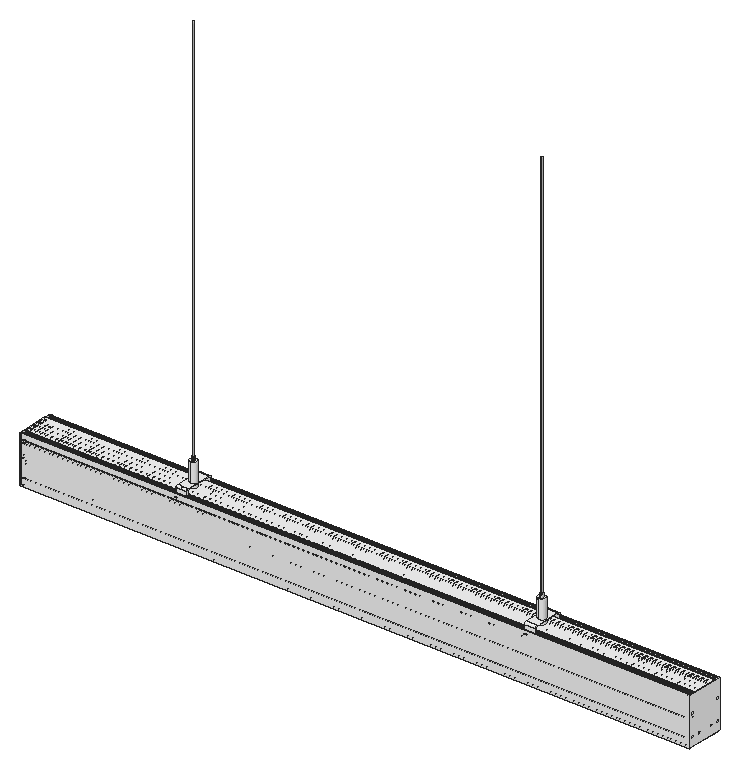
Revit family "RAD010019", category Luminaires, Revit 2015
Parameters (values of type "Radian Spaceline Suspension Module Individuel 45 W")
  Polantis code = "RAD010019"
  Modèle = "Réf. 122"
  Description = "Appareillage électronique pour modules LED d'environ 17,8W/m et 2320 lm/m. Convertisseur électronique à courant constant"
  Commentaires du type = "Options : Gradation, pilotage par cellule centrale, température de couleur : 3000K ou 4000K"
  Wattage = 12 W
  built-in parameter 1150110 = 1 (stored number, unit not read)
  Fabricant = "Radian"
  built-in parameter 1114217 = 1 (stored number, unit not read)
  built-in parameter 1150109 = 1 (stored number, unit not read)
  Emettre à partir de la longueur de la ligne = 1122 mm
  built-in parameter 1150134 = 12
  built-in parameter 1150113 = 1 (stored number, unit not read)
  Lumens = 1782.5 lm
  built-in parameter 1150115 = 1 (stored number, unit not read)
  built-in parameter 1150105 = 141.85 (stored number, unit not read)
  Taille du symbole de la source d'éclairage = 600 mm
  built-in parameter 1150137 = (empty or 0)
  built-in parameter 1150139 = (empty or 0)
  built-in parameter 1150112 = 1 (stored number, unit not read)
  built-in parameter 1150114 = 1 (stored number, unit not read)
  built-in parameter 1150132 = (empty or 0)
  built-in parameter 1150102 = (empty or 0)
  built-in parameter 1150138 = (empty or 0)
  built-in parameter 1150107 = 4000 (stored number, unit not read)
  built-in parameter 1150106 = 1.4185 (stored number, unit not read)
  built-in parameter 1150104 = 13.8 (stored number, unit not read)
  Dimming Lamp Color Temperature Shift = (empty or 0)
  Color Filter = 16777215
  built-in parameter 1114218 = 1 (stored number, unit not read)
  built-in parameter 1150133 = 10 (stored number, unit not read)
  URL = "www.radian.fr"
  Téléphone = "0033 (0)1 43 21 65 65"
  Puissance = "45W"
  Paramètres = "Langue"
  Palette RAL = "Gris ardoise RAL 7015, gris clair RAL 7047, blanc RAL 9003, gris nickel"
  Normes = "NF EN 60-598 - NF EN 55015 - NF EN 61547"
  Matériaux et finitions = "Profil en aluminium extrudé. Diffusion par profil opalisé pour une répartition optimale de la lumière, en garantissant confort et efficacité. Réflecteurs latéraux blancs en aluminium enrichi. Kit de suspension avec filins acier et systèmes de réglage et de blocage et embout de finition en aluminium."
  Longueur = "2802"
  Largeur = "61.6"
  Intensité lumineuse = "76 lm/w"
  Information = "Français"
  Hauteur = "80"
  Fax = "0033 (0)1 43 21 72 61"
  Email = "contact@radian.fr"
  Adresse = "5ter rue d'Arsonval - 75015 Paris - France"
Types (4, lengths in mm): name | Modèle | Puissance | Longueur | Intensité lumineuse
  Radian Spaceline Suspension Module Individuel 20 W | "Réf. 120" | "20W" | "1122" | "75 lm/w"
  Radian Spaceline Suspension Module Individuel 29 W | "Réf. 121" | "29W" | "1682" | "74 lm/w"
  Radian Spaceline Suspension Module Individuel 36 W | "Réf. 122" | "36W" | "2242" | "76 lm/w"
  Radian Spaceline Suspension Module Individuel 45 W | "Réf. 122" | "45W" | "2802" | "76 lm/w"
Reference planes
  plane 1 "Light Source Axis (F/B)": y = 0
  plane 2: z = 0
  plane 3 "Light Source Axis (L/R)": x = 0
  plane 4 "Ceiling": z = 4000
  plane 5 "Light Source Elevation": z = 3218.112
Dimensions and locks
  equal spacing: host sketch curve, plane 3 "Light Source Axis (L/R)", host sketch curve
  equal spacing: host sketch curve, plane 1 "Light Source Axis (F/B)", host sketch curve
  host sketch curve to host sketch curve = 4000 mm  (x2)
  locked: plane 4 "Ceiling" to host ceiling at 0
  aligned and locked: plane 3 "Light Source Axis (L/R)" to imposter light
  aligned and locked: plane 1 "Light Source Axis (F/B)" to imposter light
  aligned and locked: plane 5 "Light Source Elevation" to imposter light
Nested families
  nested 1: "Radian" at (0, 0.338, 3219.925) x (0, 1, 0) z (0, 0, 1), type "Radian"
Definition of nested family "Radian"
  Parameters (values of type "Radian Spaceline 1122 mm Suspension Pour Mise En Ligné")
    Polantis code = ""
    Light = none
    Finition = none
    Model = "100 Encastré Spaceline 22W module isole"
    Manufacturer = "Radian"
  Reference planes
    plane 1 "Center (Front/Back)": y = 0
    plane 2: z = 0
    plane 3 "Center (Left/Right)": x = 0
  Forms (mm)
    Extrusion 1, solid, material <- "Finition"
      sketch origin (0, 0.805, 44.509) x (1, 0, 0) y (0, 0, 1)
        loop
          line (-30.8, 35.491) -> (-30.8, -44.5) -> (-28.3, -44.5) -> (-27.997, -43.749) -> (-27.901, -39.316) -> (-27.6, -38.534) -> (-27.153, -37.845)
          arc (-27.153, -37.845) -> (-26.034, -35.835) -> (-27.01, -33.751) r 2.525
          line (-27.01, -33.751) -> (-27.998, -33.751) -> (-27.352, -33.264) -> (-25.273, -30.491) -> (-25.249, -29.112) -> (-25.249, -27.538) -> (-27.612, -30.691) -> (-27.983, -28.945) -> (-27.983, -26.504) -> (-26.087, -26.504) -> (-25.507, -25.762) -> (-23.073, -21.185) -> (-24.253, -20.159) -> (-24.946, -20.852) -> (-26.628, -24.015)
          arc (-26.628, -24.015) -> (-27.504, -24.312) -> (-27.983, -23.521) r 0.739
          line (-27.983, -23.521) -> (-27.983, -9.881)
          arc (-27.983, -9.881) -> (-27.766, -9.057) -> (-26.992, -8.7) r 1
          line (-26.992, -8.7) -> (-25.007, -8.7)
          arc (-25.007, -8.7) -> (-24.154, -9.183) -> (-24.128, -10.162) r 0.995
          line (-24.128, -10.162) -> (-24.601, -11.052)
          arc (-24.601, -11.052) -> (-24.86, -12.092) -> (-24.601, -13.132) r 2.215
          arc (-24.601, -13.132) -> (-24.139, -13.442) -> (-23.676, -13.132) r 0.5
          line (-23.676, -13.132) -> (-21.387, -8.827) -> (-19.174, -10.004) -> (-21.609, -14.585) -> (-20.034, -15.422) -> (-16.951, -9.624) -> (-16.553, -8.874) -> (-21.155, -6.921) -> (-27.983, -6.921) -> (-27.983, -4.022) -> (-27.983, -3.219) -> (-27.402, -3.801) -> (-26.21, -4.489) -> (-25.231, -4.592) -> (-24.31, -4.592)
          arc (-24.31, -4.592) -> (-23.819, -4.083) -> (-24.274, -3.541) r 0.529
          line (-24.274, -3.541) -> (-27.853, -1.475) -> (-27.983, -0.65) -> (-27.983, 0.401) -> (-27.845, 1.187) -> (-27.127, 0.417) -> (-23.273, -1.809) -> (-22.441, -1.736) -> (-21.884, -0.878) -> (-22.762, 0) -> (-27.736, 2.872) -> (-28.429, 3.272) -> (-27.997, 4.243) -> (-27.041, 4.517) -> (-9.758, 4.517) -> (-9.436, 5.314) -> (-9.737, 6.3) -> (-23.398, 6.3) -> (-23.584, 7.105) -> (-23.584, 7.965)
          arc (-23.584, 7.965) -> (-24.412, 8.624) -> (-25.24, 7.965) r 0.85
          arc (-25.24, 7.965) -> (-27.228, 6.508) -> (-26.705, 8.917) r 1.318
          arc (-26.705, 8.917) -> (-26.662, 9.97) -> (-27.677, 10.255) r 0.85
          line (-27.677, 10.255) -> (-28.493, 9.725)
          arc (-28.493, 9.725) -> (-29.037, 9.924) -> (-28.997, 10.501) r 0.482
          line (-28.997, 10.501) -> (-28.997, 18.815)
          arc (-28.997, 18.815) -> (-28.597, 19.114) -> (-28.197, 18.815) r 0.417
          line (-28.197, 18.815) -> (-27.367, 18.48)
          arc (-27.367, 18.48) -> (-26.58, 18.97) -> (-26.71, 19.889) r 0.85
          line (-26.71, 19.889) -> (-27.423, 20.407)
          arc (-27.423, 20.407) -> (-26.948, 22.417) -> (-25.25, 21.241) r 1.25
          arc (-25.25, 21.241) -> (-24.407, 20.177) -> (-23.563, 21.241) r 0.866
          line (-23.563, 21.241) -> (-23.692, 22.153)
          arc (-23.692, 22.153) -> (-23.361, 22.528) -> (-22.861, 22.505) r 0.579
          line (-22.861, 22.505) -> (-21.044, 22.505)
          arc (-21.044, 22.505) -> (-20.784, 22.874) -> (-20.809, 23.324) r 0.685
          line (-20.809, 23.324) -> (-20.809, 30.277)
          arc (-20.809, 30.277) -> (-20.21, 30.255) -> (-20.006, 30.819) r 0.509
          line (-20.006, 30.819) -> (-20.006, 34.059)
          arc (-20.006, 34.059) -> (-20.356, 34.276) -> (-20.767, 34.3) r 0.837
          line (-20.767, 34.3) -> (-21.7, 34.3) -> (-21.999, 33.379) -> (-21.501, 32.693) -> (-21.501, 31.906) -> (-22.301, 31.906) -> (-22.301, 24.313) -> (-28.997, 24.313) -> (-28.997, 29.307) -> (-27.414, 28.199) -> (-26.467, 28.82) -> (-26.669, 29.575) -> (-28.997, 32.917) -> (-28.997, 34.663) -> (-28.997, 35.491) -> (-30.005, 35.491) -> (-30.8, 35.491)
      from -561 to 562.61
    Extrusion 2, solid, material <- "Finition"
      sketch origin (0, 0.805, 44.509) x (-1, 0, 0) y (0, 0, -1)
        loop
          line (-30.8, -35.491) -> (-30.005, -35.491) -> (-28.997, -35.491) -> (-28.997, -34.663) -> (-28.997, -32.917) -> (-26.669, -29.575) -> (-26.467, -28.82) -> (-27.414, -28.199) -> (-28.997, -29.307) -> (-28.997, -24.313) -> (-22.301, -24.313) -> (-22.301, -31.906) -> (-21.501, -31.906) -> (-21.501, -32.693) -> (-21.999, -33.379) -> (-21.7, -34.3) -> (-20.767, -34.3)
          arc (-20.767, -34.3) -> (-20.356, -34.276) -> (-20.006, -34.059) r 0.837
          line (-20.006, -34.059) -> (-20.006, -30.819)
          arc (-20.006, -30.819) -> (-20.21, -30.255) -> (-20.809, -30.277) r 0.509
          line (-20.809, -30.277) -> (-20.809, -23.324)
          arc (-20.809, -23.324) -> (-20.784, -22.874) -> (-21.044, -22.505) r 0.685
          line (-21.044, -22.505) -> (-22.861, -22.505)
          arc (-22.861, -22.505) -> (-23.361, -22.528) -> (-23.692, -22.153) r 0.579
          line (-23.692, -22.153) -> (-23.563, -21.241)
          arc (-23.563, -21.241) -> (-24.407, -20.177) -> (-25.25, -21.241) r 0.866
          arc (-25.25, -21.241) -> (-26.948, -22.417) -> (-27.423, -20.407) r 1.25
          line (-27.423, -20.407) -> (-26.71, -19.889)
          arc (-26.71, -19.889) -> (-26.58, -18.97) -> (-27.367, -18.48) r 0.85
          line (-27.367, -18.48) -> (-28.197, -18.815)
          arc (-28.197, -18.815) -> (-28.597, -19.114) -> (-28.997, -18.815) r 0.417
          line (-28.997, -18.815) -> (-28.997, -10.501)
          arc (-28.997, -10.501) -> (-29.037, -9.924) -> (-28.493, -9.725) r 0.482
          line (-28.493, -9.725) -> (-27.677, -10.255)
          arc (-27.677, -10.255) -> (-26.662, -9.97) -> (-26.705, -8.917) r 0.85
          arc (-26.705, -8.917) -> (-27.228, -6.508) -> (-25.24, -7.965) r 1.318
          arc (-25.24, -7.965) -> (-24.412, -8.624) -> (-23.584, -7.965) r 0.85
          line (-23.584, -7.965) -> (-23.584, -7.105) -> (-23.398, -6.3) -> (-9.737, -6.3) -> (-9.436, -5.314) -> (-9.758, -4.517) -> (-27.041, -4.517) -> (-27.997, -4.243) -> (-28.429, -3.272) -> (-27.736, -2.872) -> (-22.762, 0) -> (-21.884, 0.878) -> (-22.441, 1.736) -> (-23.273, 1.809) -> (-27.127, -0.417) -> (-27.845, -1.187) -> (-27.983, -0.401) -> (-27.983, 0.65) -> (-27.853, 1.475) -> (-24.274, 3.541)
          arc (-24.274, 3.541) -> (-23.819, 4.083) -> (-24.31, 4.592) r 0.529
          line (-24.31, 4.592) -> (-25.231, 4.592) -> (-26.21, 4.489) -> (-27.402, 3.801) -> (-27.983, 3.219) -> (-27.983, 4.022) -> (-27.983, 6.921) -> (-21.155, 6.921) -> (-16.553, 8.874) -> (-16.951, 9.624) -> (-20.034, 15.422) -> (-21.609, 14.585) -> (-19.174, 10.004) -> (-21.387, 8.827) -> (-23.676, 13.132)
          arc (-23.676, 13.132) -> (-24.139, 13.442) -> (-24.601, 13.132) r 0.5
          arc (-24.601, 13.132) -> (-24.86, 12.092) -> (-24.601, 11.052) r 2.215
          line (-24.601, 11.052) -> (-24.128, 10.162)
          arc (-24.128, 10.162) -> (-24.154, 9.183) -> (-25.007, 8.7) r 0.995
          line (-25.007, 8.7) -> (-26.992, 8.7)
          arc (-26.992, 8.7) -> (-27.766, 9.057) -> (-27.983, 9.881) r 1
          line (-27.983, 9.881) -> (-27.983, 23.521)
          arc (-27.983, 23.521) -> (-27.504, 24.312) -> (-26.628, 24.015) r 0.739
          line (-26.628, 24.015) -> (-24.946, 20.852) -> (-24.253, 20.159) -> (-23.073, 21.185) -> (-25.507, 25.762) -> (-26.087, 26.504) -> (-27.983, 26.504) -> (-27.983, 28.945) -> (-27.612, 30.691) -> (-25.249, 27.538) -> (-25.249, 29.112) -> (-25.273, 30.491) -> (-27.352, 33.264) -> (-27.998, 33.751) -> (-27.01, 33.751)
          arc (-27.01, 33.751) -> (-26.034, 35.835) -> (-27.153, 37.845) r 2.525
          line (-27.153, 37.845) -> (-27.6, 38.534) -> (-27.901, 39.316) -> (-27.997, 43.749) -> (-28.3, 44.5) -> (-30.8, 44.5) -> (-30.8, -35.491)
      from -561 to 562.61
    Extrusion 3, solid, material <- "Light"
      sketch origin (0, 0.805, 44.509) x (1, 0, 0) y (0, 0, 1)
        loop
          arc (-27.7, -43.761) -> (-27.634, -44.252) -> (-27.204, -44.496) r 0.557
          line (-27.204, -44.496) -> (27.215, -44.496)
          arc (27.215, -44.496) -> (27.602, -44.274) -> (27.724, -43.846) r 0.593
          line (27.724, -43.846) -> (27.724, -39.692) -> (27.621, -37.73)
          arc (27.621, -37.73) -> (25.908, -35.838) -> (27.266, -33.677) r 2.113
          arc (27.266, -33.677) -> (27.283, -33.15) -> (26.818, -32.901) r 0.5
          arc (26.818, -32.901) -> (23.861, -35.593) -> (25.594, -39.197) r 3.347
          line (25.594, -39.197) -> (25.594, -40.599) -> (25.528, -42.496) -> (-24.746, -42.496) -> (-25.563, -42.396) -> (-25.563, -39.18)
          arc (-25.563, -39.18) -> (-23.861, -35.593) -> (-26.783, -32.904) r 3.347
          arc (-26.783, -32.904) -> (-27.298, -33.184) -> (-27.153, -33.751) r 0.477
          arc (-27.153, -33.751) -> (-25.814, -35.798) -> (-27.153, -37.845) r 2.234
          line (-27.153, -37.845) -> (-27.7, -38.794) -> (-27.7, -43.761)
      from -561 to 562.616
    Extrusion 4, solid, material <- "Finition"
      sketch origin (0, 0.805, 44.509) x (1, 0, 0) y (0, 0, 1)
        loop
          line (-21.17, 36.3) -> (-20.602, 34.443)
          arc (-20.602, 34.443) -> (-20.195, 34.244) -> (-19.742, 34.228) r 1.087
          arc (-19.742, 34.228) -> (-19.499, 33.88) -> (-19.506, 33.456) r 0.691
          line (-19.506, 33.456) -> (-19.506, 32.458) -> (-20.498, 28.998)
          arc (-20.498, 28.998) -> (-20.535, 28.14) -> (-20.179, 27.359) r 1.84
          line (-20.179, 27.359) -> (-18.58, 24.698) -> (-18.144, 24.026) -> (-16.78, 24.912) -> (-17.395, 25.619) -> (-19.082, 28.265)
          arc (-19.082, 28.265) -> (-19.164, 28.673) -> (-19.04, 29.071) r 0.84
          line (-19.04, 29.071) -> (-18.031, 32.177) -> (-18.001, 33.022) -> (-18.001, 33.808)
          arc (-18.001, 33.808) -> (-17.765, 34.217) -> (-17.293, 34.217) r 0.472
          line (-17.293, 34.217) -> (-16.583, 33.275) -> (-15.714, 34.428) -> (-14.846, 33.275) -> (-13.977, 34.428) -> (-13.108, 33.275) -> (-12.239, 34.428) -> (-11.37, 33.275) -> (-10.502, 34.428) -> (-9.633, 33.275) -> (-8.764, 34.428) -> (-7.877, 33.252) -> (-7.009, 34.404) -> (-6.138, 33.25) -> (-5.253, 34.424) -> (-4.376, 33.259) -> (-3.489, 34.435) -> (-2.616, 33.275) -> (-1.743, 34.434) -> (-0.872, 33.279) -> (-0.001, 34.435) -> (0.876, 33.271) -> (1.749, 34.428) -> (2.619, 33.273) -> (3.49, 34.428) -> (4.362, 33.27) -> (5.238, 34.433) -> (6.113, 33.272) -> (6.985, 34.429) -> (7.857, 33.272) -> (8.73, 34.431) -> (9.602, 33.274) -> (10.473, 34.43) -> (11.348, 33.269) -> (12.221, 34.426) -> (13.092, 33.27) -> (13.966, 34.431) -> (14.84, 33.271) -> (15.713, 34.429) -> (16.586, 33.271) -> (17.404, 34.357) -> (17.996, 33.765) -> (17.996, 32.463) -> (18.261, 31.399) -> (19.142, 28.759)
          arc (19.142, 28.759) -> (19.087, 28.28) -> (18.836, 27.869) r 1.12
          line (18.836, 27.869) -> (17.309, 25.466) -> (18.517, 24.563) -> (20.39, 27.707)
          arc (20.39, 27.707) -> (20.618, 28.457) -> (20.47, 29.228) r 1.633
          line (20.47, 29.228) -> (19.497, 32.408) -> (19.497, 33.791)
          arc (19.497, 33.791) -> (19.699, 34.205) -> (20.15, 34.301) r 0.525
          arc (20.15, 34.301) -> (20.548, 34.466) -> (20.713, 34.865) r 0.564
          line (20.713, 34.865) -> (21.18, 36.3) -> (-21.17, 36.3)
      from -561 to 562.61
    Extrusion 5, solid, material <- "Finition"
      sketch origin (0, 0.805, 44.509) x (1, 0, 0) y (0, 0, 1)
        loop
          line (-27.874, 0.028) -> (-15.302, -6.465)
          arc (-15.302, -6.465) -> (-14.774, -7.182) -> (-15.024, -8.037) r 1.004
          line (-15.024, -8.037) -> (-16.361, -9.878) -> (-18.449, -13.091) -> (-20.236, -16.317) -> (-22.234, -20.6) -> (-23.931, -25.265) -> (-24.572, -27.498)
          arc (-24.572, -27.498) -> (-24.9, -28.013) -> (-25.456, -28.267) r 1.075
          line (-25.456, -28.267) -> (-27.999, -28.949) -> (-27.794, -29.712) -> (-26.006, -28.91)
          arc (-26.006, -28.91) -> (-24.705, -28.451) -> (-24.003, -27.263) r 2.018
          line (-24.003, -27.263) -> (-23.493, -25.485) -> (-22.442, -22.596) -> (-21.099, -19.273) -> (-19.766, -16.414) -> (-18.413, -13.974) -> (-16.947, -11.627) -> (-14.574, -8.238)
          arc (-14.574, -8.238) -> (-14.318, -7.02) -> (-15.081, -6.038) r 1.48
          line (-15.081, -6.038) -> (-18.21, -4.422) -> (-27.404, 0.938) -> (-27.874, 0.028)
        loop
          line (27.874, 0.028) -> (27.425, 0.898) -> (18.21, -4.422) -> (15.081, -6.038)
          arc (15.081, -6.038) -> (14.318, -7.02) -> (14.574, -8.238) r 1.48
          line (14.574, -8.238) -> (16.947, -11.627) -> (18.413, -13.974) -> (19.766, -16.414) -> (21.099, -19.273) -> (22.442, -22.596) -> (23.493, -25.485) -> (24.003, -27.263)
          arc (24.003, -27.263) -> (24.705, -28.451) -> (26.006, -28.91) r 2.018
          line (26.006, -28.91) -> (27.794, -29.712) -> (27.999, -28.949) -> (25.456, -28.267)
          arc (25.456, -28.267) -> (24.9, -28.013) -> (24.572, -27.498) r 1.075
          line (24.572, -27.498) -> (23.931, -25.265) -> (22.234, -20.6) -> (20.236, -16.317) -> (18.449, -13.091) -> (16.361, -9.878) -> (15.024, -8.037)
          arc (15.024, -8.037) -> (14.774, -7.182) -> (15.302, -6.465) r 1.004
          line (15.302, -6.465) -> (27.874, 0.028)
      from -561 to 562.223
    Extrusion 6, solid, material <- "Finition"
      sketch origin (0, 0.805, 44.509) x (1, 0, 0) y (0, 0, 1)
        loop
          line (-28.94, 29.345) -> (-28.03, 27.943)
          arc (-28.03, 27.943) -> (-26.679, 27.411) -> (-25.736, 28.515) r 1.25
          line (-25.736, 28.515) -> (-24.691, 40.467)
          arc (-24.691, 40.467) -> (-23.644, 42.566) -> (-21.447, 43.388) r 3.2
          line (-21.447, 43.388) -> (21.447, 43.388)
          arc (21.447, 43.388) -> (23.749, 42.434) -> (24.702, 40.132) r 3.255
          line (24.702, 40.132) -> (25.725, 28.438)
          arc (25.725, 28.438) -> (26.712, 27.407) -> (28.033, 27.948) r 1.267
          line (28.033, 27.948) -> (28.952, 29.338) -> (28.18, 29.102) -> (27.606, 28.233)
          arc (27.606, 28.233) -> (26.798, 27.919) -> (26.233, 28.575) r 0.75
          line (26.233, 28.575) -> (25.202, 40.357)
          arc (25.202, 40.357) -> (24.169, 42.851) -> (21.675, 43.884) r 3.527
          line (21.675, 43.884) -> (-21.33, 43.884)
          arc (-21.33, 43.884) -> (-23.885, 42.929) -> (-25.187, 40.532) r 3.894
          line (-25.187, 40.532) -> (-26.229, 28.614)
          arc (-26.229, 28.614) -> (-26.784, 27.941) -> (-27.612, 28.218) r 0.77
          line (-27.612, 28.218) -> (-28.155, 29.054) -> (-28.94, 29.345)
      from 281.062 to 299.414
    Extrusion 7, solid, material <- "Finition"
      sketch origin (-0.593, -950.509, 41.493) x (1, 0, 0) y (0, 1, 0)
        loop
          circle (0, 661.152) r 6.321
      from 39.27 to 76.888
    Extrusion 8, solid, material <- "Finition"
      sketch origin (-0.48, -958.766, 41.493) x (1, 0, 0) y (0, 1, 0)
        loop
          circle (0, 669.569) r 2.018
      from 76.888 to 83.388
    Extrusion 9, solid, material <- "Finition"
      sketch origin (-0.48, -958.766, -3.563) x (1, 0, 0) y (0, 1, 0)
        loop
          circle (0, 669.561) r 0.782
      from 83.388 to 783.638
    Extrusion 10, solid, material <- "Finition"
      sketch origin (0, 585.805, 44.509) x (1, 0, 0) y (0, 0, 1)
        loop
          line (-28.94, 29.345) -> (-28.03, 27.943)
          arc (-28.03, 27.943) -> (-26.679, 27.411) -> (-25.736, 28.515) r 1.25
          line (-25.736, 28.515) -> (-24.691, 40.467)
          arc (-24.691, 40.467) -> (-23.644, 42.566) -> (-21.447, 43.388) r 3.2
          line (-21.447, 43.388) -> (21.447, 43.388)
          arc (21.447, 43.388) -> (23.749, 42.434) -> (24.702, 40.132) r 3.255
          line (24.702, 40.132) -> (25.725, 28.438)
          arc (25.725, 28.438) -> (26.712, 27.407) -> (28.033, 27.948) r 1.267
          line (28.033, 27.948) -> (28.952, 29.338) -> (28.18, 29.102) -> (27.606, 28.233)
          arc (27.606, 28.233) -> (26.798, 27.919) -> (26.233, 28.575) r 0.75
          line (26.233, 28.575) -> (25.202, 40.357)
          arc (25.202, 40.357) -> (24.169, 42.851) -> (21.675, 43.884) r 3.527
          line (21.675, 43.884) -> (-21.33, 43.884)
          arc (-21.33, 43.884) -> (-23.885, 42.929) -> (-25.187, 40.532) r 3.894
          line (-25.187, 40.532) -> (-26.229, 28.614)
          arc (-26.229, 28.614) -> (-26.784, 27.941) -> (-27.612, 28.218) r 0.77
          line (-27.612, 28.218) -> (-28.155, 29.054) -> (-28.94, 29.345)
      from 281.062 to 299.414
    Extrusion 11, solid, material <- "Finition"
      sketch origin (-0.593, -365.509, 41.493) x (1, 0, 0) y (0, 1, 0)
        loop
          circle (0, 661.149) r 6.321
      from 39.27 to 76.888
    Extrusion 12, solid, material <- "Finition"
      sketch origin (-0.48, -373.766, 41.493) x (1, 0, 0) y (0, 1, 0)
        loop
          circle (0, 669.569) r 2.018
      from 76.888 to 83.388
    Extrusion 13, solid, material <- "Finition"
      sketch origin (-0.48, -373.766, -3.563) x (1, 0, 0) y (0, 1, 0)
        loop
          circle (0, 669.561) r 0.782
      from 83.388 to 783.638
    Extrusion 14, solid, material <- "Finition"
      sketch origin (0, -379.362, 40.684) x (1, 0, 0) y (0, 0, 1)
        loop
          line (-30.8, 39.316) -> (-30.8, -39.174) -> (30.8, -39.174) -> (30.8, 39.316) -> (-30.8, 39.316)
        loop
          circle (26.592, 10.611) r 3.165
        loop
          circle (-26.367, 10.634) r 3.197
        loop
          circle (26.954, -24.842) r 3.229
        loop
          circle (12.581, -24.814) r 3.129
        loop
          circle (-12.439, -24.814) r 3.114
        loop
          circle (-26.615, -24.87) r 3.097
      from 182.444 to 183.349
    Extrusion 15, solid, material <- "Finition"
      sketch origin (0, 745.154, 40.684) x (1, 0, 0) y (0, 0, 1)
        loop
          line (-30.8, 39.316) -> (-30.8, -39.174) -> (30.8, -39.174) -> (30.8, 39.316) -> (-30.8, 39.316)
        loop
          circle (26.592, 10.611) r 3.165
        loop
          circle (-26.367, 10.634) r 3.197
        loop
          circle (26.954, -24.842) r 3.229
        loop
          circle (12.581, -24.814) r 3.129
        loop
          circle (-12.439, -24.814) r 3.114
        loop
          circle (-26.615, -24.87) r 3.097
      from 182.444 to 183.349
